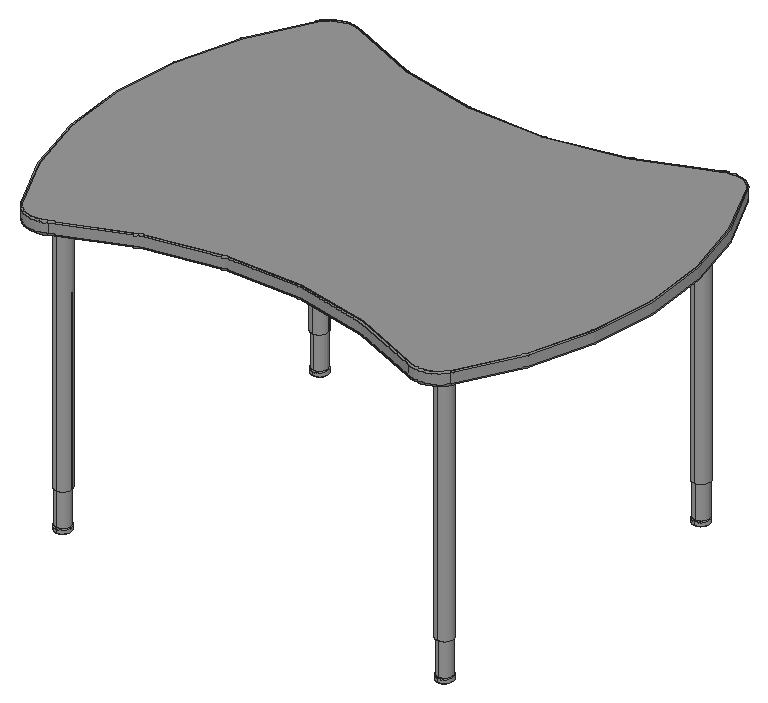
Revit family "Quad Large - Shapes", category Generic Models, Revit 2018
Family settings
  Can host rebar = No
  Round Connector Dimension = Use Diameter
  Part Type = Normal
  Work Plane-Based = No
  Always vertical = Yes
  Cut with Voids When Loaded = No
  Shared = No
  Room Calculation Point = No
Parameters
  Table Height = 2' - 1 1/2"
  Surface = Quad Large S Surface
  Leg Finish = Shapes Leg Platinum
  Edgeband = Quad Large S Edgeband
  Caster/Glider = Shapes Leg - Glider : Shapes Leg - Glider
Reference planes (in)
  plane 1 "Center (Front/Back)": y = 0
  plane 2: z = 0
  plane 3 "Center (Left/Right)": x = 0
  plane 4 "Table Height": z = 25.5
Dimensions and locks (in)
  "Table Height": plane 4 "Table Height" to level
  aligned and locked: plane 2 to level
  aligned and locked: nested 1 to plane 4 "Table Height"
Nested families (in)
  nested 1: "Quad Large Tabletop" at (0, 0, -3), type "Quad Large Tabletop"
  nested 2: "Shapes Leg - Glider" at (-17.25, 14.25, 0) x (0, 1, 0) z (0, 0, 1), Leg Height <- "Table Height", Shapes Leg Finish <- "Leg Finish", type "Shapes Leg - Glider"
    with Shapes Leg Finish Shapes Leg Platinum, Leg Height 2' - 1 1/2"
  nested 3: "Shapes Leg - Glider" at (-17.25, -14.75, 0) x (0, 1, 0) z (0, 0, 1), Leg Height <- "Table Height", Shapes Leg Finish <- "Leg Finish", type "Shapes Leg - Glider"
    with Shapes Leg Finish Shapes Leg Platinum, Leg Height 2' - 1 1/2"
  nested 4: "Shapes Leg - Glider" at (17.25, 14.25, 0) x (0, 1, 0) z (0, 0, 1), Leg Height <- "Table Height", Shapes Leg Finish <- "Leg Finish", type <- "Caster/Glider", type "Shapes Leg - Glider"
    with Shapes Leg Finish Shapes Leg Platinum, Leg Height 2' - 1 1/2"
  nested 5: "Shapes Leg - Glider" at (17.25, -14.75, 0) x (0, 1, 0) z (0, 0, 1), Leg Height <- "Table Height", Shapes Leg Finish <- "Leg Finish", type <- "Caster/Glider", type "Shapes Leg - Glider"
    with Shapes Leg Finish Shapes Leg Platinum, Leg Height 2' - 1 1/2"
Definition of nested family "Quad Large Tabletop"
  Parameters (values of type "Quad Large Tabletop")
    Surface = none
    Edgeband = none
  Reference planes (in)
    plane 1 "Center (Front/Back)": y = 0
    plane 2: z = 0
    plane 3 "Center (Left/Right)": x = 0
  Forms (in)
    Extrusion 1, solid, material <- "Surface"
      sketch origin (0, 0, 0) x (1, 0, 0) y (0, 1, 0)
        loop
          arc (16.32217, -17.58545) -> (17.99494, -17.7701) -> (19.34641, -16.76721) r 2.3022
          arc (19.34641, -16.76721) -> (24.15165, -0.00017) -> (19.34641, 16.76687) r 31.65543
          arc (19.34641, 16.76687) -> (17.9891, 17.77153) -> (16.31131, 17.58012) r 2.30293
          arc (16.31131, 17.58012) -> (0, 13.51075) -> (-16.31131, 17.58012) r 34.72507
          arc (-16.31131, 17.58012) -> (-17.9891, 17.77153) -> (-19.34641, 16.76687) r 2.30293
          arc (-19.34641, 16.76687) -> (-24.15165, -0.00017) -> (-19.34641, -16.76721) r 31.65543
          arc (-19.34641, -16.76721) -> (-17.99494, -17.7701) -> (-16.32217, -17.58545) r 2.3022
          arc (-16.32217, -17.58545) -> (0, -13.55552) -> (16.32217, -17.58545) r 35.06933
      from 28.5 to 29.625
    Sweep 2, solid, material <- "Edgeband"
      path in 3D
        loop
          arc (-19.34641, 16.76687, 29.625) -> (-17.9891, 17.77153, 29.625) -> (-16.31131, 17.58012, 29.625) r 2.30293
          arc (-16.31131, 17.58012, 29.625) -> (0, 13.51075, 29.625) -> (16.31131, 17.58012, 29.625) r 34.72507
          arc (16.31131, 17.58012, 29.625) -> (17.9891, 17.77153, 29.625) -> (19.34641, 16.76687, 29.625) r 2.30293
          arc (19.34641, 16.76687, 29.625) -> (24.15165, -0.00017, 29.625) -> (19.34641, -16.76721, 29.625) r 31.65543
          arc (19.34641, -16.76721, 29.625) -> (17.99494, -17.7701, 29.625) -> (16.32217, -17.58545, 29.625) r 2.3022
          arc (16.32217, -17.58545, 29.625) -> (0, -13.55552, 29.625) -> (-16.32217, -17.58545, 29.625) r 35.06933
          arc (-16.32217, -17.58545, 29.625) -> (-17.99494, -17.7701, 29.625) -> (-19.34641, -16.76721, 29.625) r 2.3022
          arc (-19.34641, -16.76721, 29.625) -> (-24.15165, -0.00017, 29.625) -> (-19.34641, 16.76687, 29.625) r 31.65543
      profile origin (-24.15165, -0.00017, 29.625) x (-1, 0, 0) y (0, 0, 1)
        loop
          line (0, 0) -> (0, -1.125)
          arc (0, -1.125) -> (0.07778, -1.09278) -> (0.11, -1.015) r 0.11
          line (0.11, -1.015) -> (0.11, -0.11)
          arc (0.11, -0.11) -> (0.07778, -0.03222) -> (0, 0) r 0.11
  Lines and regions (in)
    sketch lines
      curve 1: arc (-19.34641, -16.76721, 29.625) -> (-24.15165, -0.00017, 29.625) -> (-19.34641, 16.76687, 29.625) r 31.65543
      curve 2: arc (-19.34641, 16.76687, 29.625) -> (-17.9891, 17.77153, 29.625) -> (-16.31131, 17.58012, 29.625) r 2.30293
      curve 3: arc (-16.31131, 17.58012, 29.625) -> (0, 13.51075, 29.625) -> (16.31131, 17.58012, 29.625) r 34.72507
      curve 4: arc (16.31131, 17.58012, 29.625) -> (17.9891, 17.77153, 29.625) -> (19.34641, 16.76687, 29.625) r 2.30293
      curve 5: arc (19.34641, 16.76687, 29.625) -> (24.15165, -0.00017, 29.625) -> (19.34641, -16.76721, 29.625) r 31.65543
      curve 6: arc (19.34641, -16.76721, 29.625) -> (17.99494, -17.7701, 29.625) -> (16.32217, -17.58545, 29.625) r 2.3022
      curve 7: arc (16.32217, -17.58545, 29.625) -> (0, -13.55552, 29.625) -> (-16.32217, -17.58545, 29.625) r 35.06933
      curve 8: arc (-16.32217, -17.58545, 29.625) -> (-17.99494, -17.7701, 29.625) -> (-19.34641, -16.76721, 29.625) r 2.3022
  Dimensions and locks (in)
    aligned and locked: plane 2 to level
Definition of nested family "Shapes Leg - Glider"
  Parameters (values of type "Shapes Leg - Glider")
    Shapes Leg Finish [instance] = none
    Leg Height [instance] = 2' - 4 1/2"
  Reference planes (in)
    plane 1 "Center (Front/Back)": y = 0
    plane 2: z = 0
    plane 3 "Center (Left/Right)": x = 0
  Forms (in)
    Extrusion 1, solid
      sketch origin (-0.01562, 0, 0) x (1, 0, 0) y (0, 1, 0)
        loop
          circle (0.01563, 0) r 0.64906
      from 0.50586 to 20.17439
  Dimensions and locks (in)
    "Leg Height": nested 2 to level
    aligned and locked: plane 2 to level
  Automatic sketch dimensions
    plane 1 "Center (Front/Back)" to Extrusion 1 sketch curve = 0' - 0"
    Extrusion 1 sketch curve to plane 3 "Center (Left/Right)" = 0' - 0"
    radius of Extrusion 1 sketch curve = 0' - 0.64906"
  Nested families (in)
    nested 1: "Glider" at (0, 0, 0), type "Glider"
    nested 2: "Shapes Upper Leg" at (0, 0, 0), Shapes Leg Finish <- "Shapes Leg Finish", type "Shapes Upper Leg"
      with Shapes Leg Finish none
  Definition of nested family "Glider"
    Reference planes (in)
      plane 1 "Center (Front/Back)": y = 0
      plane 2: z = 0
      plane 3 "Center (Left/Right)": x = 0
    Forms (in)
      Revolve 1, solid
        sketch origin (0, 0, 0) x (1, 0, 0) y (0, 0, 1)
          loop
            line (0.26614, 0.50586) -> (0, 0.50586) -> (0, 0.09994) -> (0.71656, 0.09994) -> (0.71656, 0.37634)
            arc (0.71656, 0.37634) -> (0.70181, 0.41548) -> (0.66511, 0.43552) r 0.06011
            arc (0.66511, 0.43552) -> (0.46609, 0.45951) -> (0.26614, 0.47365) r 4.06535
            line (0.26614, 0.47365) -> (0.26614, 0.50586)
          axis (0, 0.50586) -> (0, 0.09994)
        angle from 0 to 360
      Revolve 2, solid
        sketch origin (0, 0, 0) x (1, 0, 0) y (0, 0, 1)
          loop
            line (0.65534, 0.1212) -> (0, 0.1212) -> (0, 0) -> (0.57593, 0)
            arc (0.57593, 0) -> (0.63208, 0.02326) -> (0.65534, 0.07941) r 0.07941
            line (0.65534, 0.07941) -> (0.65534, 0.1212)
          axis (0, 0.1212) -> (0, 0)
        angle from 0 to 360
    Dimensions and locks (in)
      aligned and locked: plane 2 to level
  Definition of nested family "Shapes Upper Leg"
    Parameters (values of type "Shapes Upper Leg")
      Shapes Leg Finish [instance] = none
    Reference planes (in)
      plane 1 "Center (Front/Back)": y = 0
      plane 2: z = 0
      plane 3 "Center (Left/Right)": x = 0
    Forms (in)
      Extrusion 1, solid, material <- "Shapes Leg Finish"
        sketch origin (0, 0, 0) x (1, 0, 0) y (0, 1, 0)
          loop
            circle (0, 0) r 0.75
        from 6.5 to 28.5
    Dimensions and locks (in)
      aligned and locked: plane 2 to level
